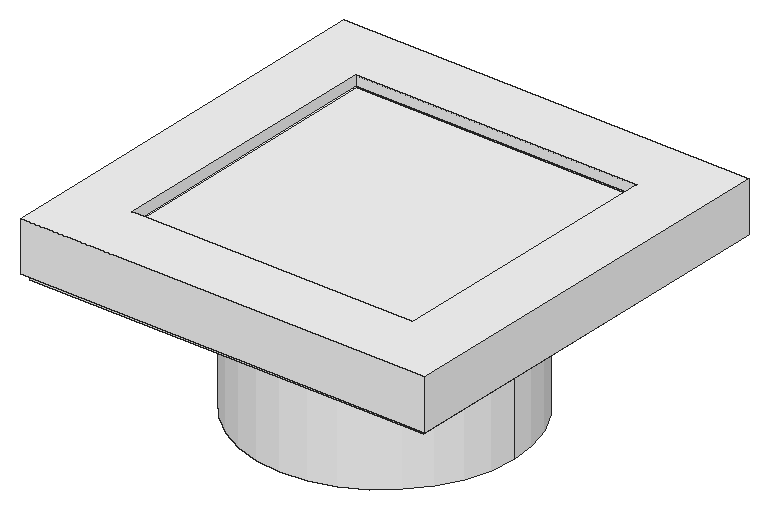
Revit family "Gira_012601", category Electrical Fixtures, host Face, Revit 2017
Family settings
  Host = Face
  Maintain Annotation Orientation = Yes
  Round Connector Dimension = Use Diameter
  Part Type = Normal
  Cut with Voids When Loaded = No
  Shared = No
  Room Calculation Point = No
Parameters (values of type "Tastschalter AusWe System 55 Cremeweiß")
  Zusammenstellung = "Basiselement mit zentraler Abdeckplatte"
  White [instance] = White
  Werkstoffgüte = "Thermoplast"
  Werkstoff = "sonstige"
  Waschmaschinenschalter = "No"
  URL = "http://katalog.gira.de/de_DE/datenblatt.html?artikelnr=012601"
  Textfeld/Beschriftungsfläche = "nein"
  Tastschalter = "Yes"
  Schaltungsart = "Wechselschalter"
  Rückmeldekontakt = "No"
  Region = "DE"
  RAL-Nummer (ähnlich) = "1013 "
  Oberfläche = "sonstige"
  Nennspannung = "250 Volt"
  Name = "Tastschalter AusWe System 55 Cremeweiß"
  Montageart = "unter Putz"
  Model = "Sys55_Komplettgerät_Schalten und Tasten"
  Mit Montageplatte = "No"
  Manufacturer URL = "https://www.gira.de/"
  HeinzeBIM = "https://bimportal.heinze.de/bim/tastschalter-auswe-system-55-cremeweiss/196231705679b19c9c7ca8d68b77a12d4bc16996"
  Halogenfrei = "Yes"
  HAN = "012601"
  Geeignet für Schutzart (IP) = "IP20"
  GTIN = "4010337126010"
  Farbe = "cremeweiß (elektroweiß)"
  Default Elevation = 1219.2 mm
  Data sheet (1) = "https://katalog.gira.de/de_DE/download.html?artikelnr=012601"
  Category = "Installationsschalter"
  Bemessungsstrom = "10 Ampere"
  Beleuchtung = "nein"
  Befestigungsart = "Krallen-/Schraubbefestigung"
  Bedienungsart = "Wippe/Taste"
  Available = "Yes"
  Ausführung der Oberfläche = "glänzend"
  Anzahl der Module (bei Modulbauweise) = "1 "
  Anzahl der Betätigungswippen = "1 "
  Anschlussart = "Steckklemme"
Reference planes
  plane 1 "Center (Front/Back)": y = 0
  plane 2: z = 0
  plane 3 "Center (Left/Right)": x = 0
Forms (mm)
  Extrusion 1, solid, material "White" <- "White", detail levels medium
    sketch origin (0, 0, 0) x (1, 0, 0) y (0, 1, 0)
      loop
        line (-40.4, 40.4) -> (-40.4, -40.4) -> (40.4, -40.4) -> (40.4, 40.4) -> (-40.4, 40.4)
      loop
        line (-28, 28) -> (-28, -28) -> (28, -28) -> (28, 28) -> (-28, 28)
    from 0 to 10
  Extrusion 2, solid, material "White" <- "White", detail levels fine
    sketch origin (0, 0, 0) x (1, 0, 0) y (0, 1, 0)
      loop
        line (-40.4, 40.4) -> (-40.4, -40.4) -> (40.4, -40.4) -> (40.4, 40.4) -> (-40.4, 40.4)
      loop
        line (-28, 28) -> (-28, -28) -> (28, -28) -> (28, 28) -> (-28, 28)
    from 0 to 10
  Extrusion 3, void
    sketch origin (0, 0, 0) x (1, 0, 0) y (0, 1, 0)
      loop
        line (-38.4, 38.4) -> (-38.4, -38.4) -> (38.4, -38.4) -> (38.4, 38.4) -> (-38.4, 38.4)
    from 0 to 8
  Extrusion 4, solid, material "White" <- "White", detail levels medium+fine
    sketch origin (0, 0, 0) x (1, 0, 0) y (0, 1, 0)
      loop
        line (-39.4, 39.4) -> (-39.4, -39.4) -> (39.4, -39.4) -> (39.4, 39.4) -> (-39.4, 39.4)
    from 0 to -1
  Extrusion 5, solid, material "White" <- "White", detail levels medium+fine
    sketch origin (0, 0, 0) x (1, 0, 0) y (0, 1, 0)
      loop
        line (-35.5, 35.5) -> (-35.5, -35.5) -> (35.5, -35.5) -> (35.5, 35.5) -> (-35.5, 35.5)
    from -2 to -3
  Extrusion 6, solid, material "White" <- "White", detail levels medium+fine
    sketch origin (0, 0, 0) x (1, 0, 0) y (0, 1, 0)
      loop
        circle (0, 0) r 26
    from 0 to -27.5
  Extrusion 7, solid, material "White" <- "White", detail levels coarse
    sketch origin (0, 0, 0) x (1, 0, 0) y (0, 1, 0)
      loop
        line (-40.4, 40.4) -> (-40.4, -40.4) -> (40.4, -40.4) -> (40.4, 40.4) -> (-40.4, 40.4)
    from -27.5 to 10
Cuts and joins
  Extrusion 3 cuts Extrusion 2
Dimensions and locks
  aligned and locked: plane 2 to host face
  aligned and locked: level to host face
  aligned and locked: plane 3 "Center (Left/Right)" to nested 2
  aligned and locked: plane 1 "Center (Front/Back)" to nested 2
Nested families
  nested 1: "Sys55_Abdeckung_Schalten und Tasten_floor_base" at (0, 0, 0), type "Sys55_Abdeckung_Schalten und Tasten_floor_base"
  nested 2: "Schalter" at (0, 0, 0), type "Schalter"
Connectors
  electrical at (0, 0, -27.5)
    settings: on Extrusion 6, index 1, voltage 220 V, apparent load 0 VA, apparent load phase1 0 VA, apparent load phase2 0 VA, apparent load phase3 0 VA, power factor 1, load classification "Other", number of poles 1, system type 30, power factor state 1, is connector primary yes, connector utility no, sub classification motor no, connector description ""
Definition of nested family "Sys55_Abdeckung_Schalten und Tasten_floor_base"
  Parameters
    Default Elevation = 1219.2 mm
    White [instance] = none
  Reference planes
    plane 1 "Center (Front/Back)": y = 0
    plane 2: z = 0
    plane 3 "Center (Left/Right)": x = 0
  Forms (mm)
    Extrusion 1, solid
      sketch origin (0, 0, 0) x (1, 0, 0) y (0, 1, 0)
        loop
          line (-1219.2, 1219.2) -> (-1219.2, -1219.2) -> (1219.2, -1219.2) -> (1219.2, 1219.2) -> (-1219.2, 1219.2)
      from 0 to -304.8
    Extrusion 2, solid, material <- "White", detail levels fine
      sketch origin (0, 0, 0) x (1, 0, 0) y (0, 1, 0)
        loop
          line (-27.5, 27.5) -> (-27.5, -27.5) -> (27.5, -27.5) -> (27.5, 27.5) -> (-27.5, 27.5)
      from 0 to 8
    Extrusion 3, void
      sketch origin (0, 0, 0) x (1, 0, 0) y (0, 1, 0)
        loop
          line (26, 26) -> (-26, 26) -> (-26, -26) -> (26, -26) -> (26, 26)
      from 0 to 6
    Extrusion 4, solid, material <- "White", detail levels medium
      sketch origin (0, 0, 0) x (1, 0, 0) y (0, 1, 0)
        loop
          line (-27.5, 27.5) -> (-27.5, -27.5) -> (27.5, -27.5) -> (27.5, 27.5) -> (-27.5, 27.5)
      from 0 to 8
    Extrusion 5, solid, material <- "White", detail levels medium
      sketch origin (0, 0, 0) x (1, 0, 0) y (0, 1, 0)
        loop
          line (11, -17.5) -> (11, 17.5) -> (-11, 17.5) -> (-11, -17.5) -> (11, -17.5)
      from -6 to 6
    Extrusion 6, solid, material <- "White", detail levels fine
      sketch origin (0, 0, 0) x (1, 0, 0) y (0, 1, 0)
        loop
          line (11, 17.5) -> (-11, 17.5) -> (-11, 16.5) -> (11, 16.5) -> (11, 17.5)
        loop
          line (-11, -16.5) -> (-11, -17.5) -> (11, -17.5) -> (11, -16.5) -> (-11, -16.5)
      from -4 to 6
    Extrusion 7, solid, material <- "White", detail levels fine
      sketch origin (0, 0, 0) x (1, 0, 0) y (0, 1, 0)
        loop
          arc (5, 9.347) -> (0, 10.6) -> (-5, 9.347) r 10.6
          line (-5, 9.347) -> (-5, -9.347)
          arc (-5, -9.347) -> (0, -10.6) -> (5, -9.347) r 10.6
          line (5, -9.347) -> (5, 9.347)
      from -6 to 6
    Extrusion 8, solid, material <- "White", detail levels coarse
      sketch origin (0, 0, 0) x (1, 0, 0) y (0, 1, 0)
        loop
          line (-27.5, 27.5) -> (-27.5, -27.5) -> (27.5, -27.5) -> (27.5, 27.5) -> (-27.5, 27.5)
      from -6 to 8
  Cuts and joins
    Extrusion 3 cuts Extrusion 2
  Dimensions and locks
    aligned and locked: plane 2 to Extrusion 1
    aligned and locked: level to Extrusion 1
Definition of nested family "Schalter"
  Reference planes
    plane 1: y = 0
    plane 2: x = 0
  Lines and regions (mm)
    detail lines
      curve 1: circle (1.375, 2.778, 0) r 0.8 normal (0, 0, 1)
      curve 2: line (1.021, 2.061, 0) -> (0, 0, 0)
      curve 3: line (0, 0, 0) -> (-0.538, 0.266, 0)
  Dimensions and locks
    curve 2 to curve 2 = 2.3 mm
    curve 3 to curve 2 = 0.6 mm
    radius of curve 1 = 0.8 mm
